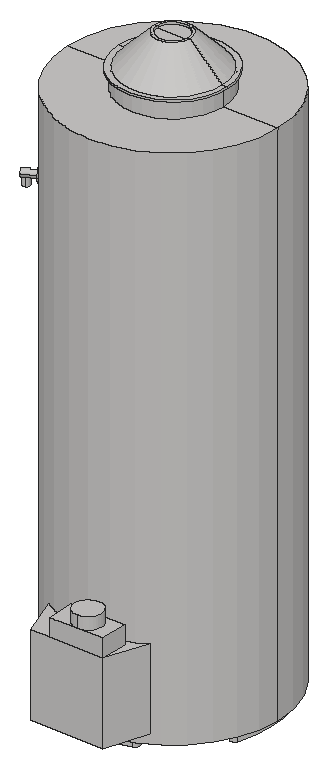
Revit family "DC_Rheem_PLM_HeavyDutyGas_620260", category Plumbing Fixtures, host Face, Revit 2020
Family settings
  Host = Face
  Round Connector Dimension = Use Radius
  Part Type = Normal
  Cut with Voids When Loaded = No
  Shared = No
  Room Calculation Point = No
Parameters (values of type "Heavy Duty Gas Storage - Indoor - 260L - 51 MJ/h - Natural gas")
  URL = "http://www.rheem.com.au/CommercialProducts"
  Type Comments = "385L first hour delivery @ 50oC rise\r\n"
  TotalHeightH1_ANZRS = 1660 mm
  T&PRConnectionRadius_ANZRS = 20 mm
  Thickness_ANZRS = 77 mm
  Model = "620260N0\r\n"
  Materials_ANZRS = Rheem - Joey Grey Steel
  Manufacturer = "Rheem\r\n"
  HotWaterPipeRadius_ANZRS = HotWaterPipeDiameterD1_ANZRS / 2  # 16 mm
  HotWaterPipeHeightH2_ANZRS = 988 mm
  HotWaterPipeDiameterD1_ANZRS = 32 mm
  HeightH2_ANZRS = 1520 mm
  GasPipeRadius_ANZRS = GasPipeDiameterD2_ANZRS / 2  # 7.5 mm
  GasPipeDiameterD2_ANZRS = 15 mm
  GasInletHeightH3_ANZRS = 297 mm
  FireProofBase_ANZRS = 50 mm
  DesignBy_ANZRS = "Design Content ©\r\n"
  Description = " Heavy Duty Gas Storage - Indoor - 260L - 51 MJ/h - Natural gas\r\n"
  Default Elevation = 0 mm
  CylinderRadius_ANZRS = CylinderDiameterD3_ANZRS / 2  # 296.5 mm
  CylinderDiameterD3_ANZRS = 593 mm
  ColdWaterPipeRadius_ANZRS = ColdWaterPipeDiameterD4_ANZRS / 2  # 16 mm
  ColdWaterPipeDiameterD4_ANZRS = 32 mm
  ColdWaterInletHeightH4_ANZRS = 278 mm
  Author_ANZRS = "DM"
  A1_ANZRS = CylinderDiameterD3_ANZRS / 2 + 30 mm  # 326.5 mm
Types (3, lengths in mm): name | Model | Description | ColdWaterInletHeightH4_ANZRS
  (no name) | "620260N0\r\n" | " Heavy Duty Gas Storage - Indoor - 260L - 51 MJ/h - Natural gas\r\n" | 278
  Heavy Duty Gas Storage - Indoor - 260L - 51 MJ/h - Natural gas | "620260N0\r\n" | " Heavy Duty Gas Storage - Indoor - 260L - 51 MJ/h - Natural gas\r\n" | 278
  Heavy Duty Gas Storage - Indoor - 260L - 47 MJ/h - Propane gas | "620260P0\r\n" | " Heavy Duty Gas Storage - Indoor - 260L - 47 MJ/h - Propane gas\r\n Heavy Duty Gas Storage - Indoor - 260L - 47 MJ/h - Propane gas\r\n" | 328
Reference planes
  plane 1 "Center (Front/Back)": y = 0
  plane 2: z = 0
  plane 3 "Center (Left/Right)": x = 0
  plane 4: z = 0
  plane 5 "Gas": z = 297
  plane 6: z = 278
  plane 7: z = 1520
  plane 8: z = 1660
  plane 9: x = -296.5
  plane 10: x = 296.5
  plane 11: z = 25
  plane 12: y = 296.5
  plane 13: y = -296.5
  plane 14: y = 373.5
  plane 15: y = -373.5
  plane 16: x = 373.5
  plane 17: x = -373.5
  plane 18: x = 50
  plane 19: x = -50
  plane 20: z = 1572.5
  plane 21: z = 1567.5
  plane 22 "Gas Ref": y = -328.5
  plane 23: x = -101.526
  plane 24: x = 101.526
  plane 25: z = 50
  plane 26: through (0, 0, 1219.2) normal (0.454, -0.891, 0)
  plane 27: z = 1316
  plane 28 "A": through (0, 0, 1219.2) normal (0.891, 0.454, 0)
  plane 29: through (-290.914, -148.228, 1219.2) normal (0.891, 0.454, 0)
  plane 30: through (-255.273, -130.068, 1219.2) normal (0.891, 0.454, 0)
  plane 31: x = -306.5
  plane 32: x = -286.5
  plane 33: z = 278
  plane 34: x = -52.817
  plane 35: z = 328
Forms (mm)
  Revolve 1, solid, material "Rheem - Joey Grey Steel" <- "Materials_ANZRS"
    sketch origin (0, 0, 0) x (1, 0, 0) y (0, 0, 1)
      loop
        line (0, 25) -> (296.5, 25) -> (296.5, 1520) -> (0, 1520) -> (0, 25)
      axis (0, 1520) -> (0, 25)
    angle from 0 to 360
  Extrusion 2, solid, material "Rheem - Joey Grey Steel" <- "Materials_ANZRS"
    sketch origin (0, 0, 0) x (1, 0, 0) y (0, 1, 0)
      loop
        arc (85.505, 234.923) -> (101.526, 242.394) -> (94.056, 258.415) r 12.5
        arc (94.056, 258.415) -> (0, 275) -> (-94.056, 258.415) r 275
        arc (-94.056, 258.415) -> (-101.526, 242.394) -> (-85.505, 234.923) r 12.5
        arc (-85.505, 234.923) -> (0, 250) -> (85.505, 234.923) r 250
      loop
        arc (85.505, -234.923) -> (0, -250) -> (-85.505, -234.923) r 250
        arc (-85.505, -234.923) -> (-101.526, -242.394) -> (-94.056, -258.415) r 12.5
        arc (-94.056, -258.415) -> (0, -275) -> (94.056, -258.415) r 275
        arc (94.056, -258.415) -> (101.526, -242.394) -> (85.505, -234.923) r 12.5
      loop
        arc (234.923, 85.505) -> (250, 0) -> (234.923, -85.505) r 250
        arc (234.923, -85.505) -> (242.394, -101.526) -> (258.415, -94.056) r 12.5
        arc (258.415, -94.056) -> (275, 0) -> (258.415, 94.056) r 275
        arc (258.415, 94.056) -> (242.394, 101.526) -> (234.923, 85.505) r 12.5
      loop
        arc (-234.923, 85.505) -> (-242.394, 101.526) -> (-258.415, 94.056) r 12.5
        arc (-258.415, 94.056) -> (-275, 0) -> (-258.415, -94.056) r 275
        arc (-258.415, -94.056) -> (-242.394, -101.526) -> (-234.923, -85.505) r 12.5
        arc (-234.923, -85.505) -> (-250, 0) -> (-234.923, 85.505) r 250
    from 0 to 25
  Revolve 3, solid, material "Rheem - Joey Grey Steel" <- "Materials_ANZRS"
    sketch origin (0, 0, 0) x (1, 0, 0) y (0, 0, 1)
      loop
        line (42.903, 1660) -> (42.903, 1655) -> (0, 1655) -> (0, 1520) -> (142.5, 1520) -> (142.5, 1567.5) -> (152.5, 1567.5) -> (152.5, 1572.5) -> (137.5, 1572.5) -> (50, 1660) -> (42.903, 1660)
      axis (0, 1660) -> (0, 1520)
    angle from 0 to 360
  Extrusion 4, solid, material "Rheem - Joey Grey Steel" <- "Materials_ANZRS"
    sketch origin (0, 0, 0) x (1, 0, 0) y (0, 1, 0)
      loop
        line (-101.526, -373.5) -> (101.526, -373.5) -> (142.916, -259.783)
        arc (142.916, -259.783) -> (0, -296.5) -> (-142.916, -259.783) r 296.5
        line (-142.916, -259.783) -> (-101.526, -373.5)
    from 50 to 278
  Extrusion 5, solid, material "Rheem - Joey Grey Steel" <- "Materials_ANZRS"
    sketch origin (0, 27.029, 0) x (1, 0, 0) y (0, 1, 0)
      loop
        line (-48.474, -325.165) -> (-48.474, -400.928) -> (101.526, -400.928) -> (101.526, -325.165) -> (-48.474, -325.165)
    from 328.014 to 278
  Extrusion 6, solid, material "Rheem - Joey Grey Steel" <- "Materials_ANZRS"
    sketch origin (0, 27.029, 0) x (1, 0, 0) y (0, 1, 0)
      loop
        circle (29.783, -362.847) r 37.682
    from 328.014 to 361.427
  Extrusion 7, solid, material "Rheem - Joey Grey Steel" <- "Materials_ANZRS"
    sketch origin (0, 0, 0) x (0, 1, 0) y (0, 0, 1)
      loop
        circle (0, 1316) r 16
      loop
        circle (0, 328) r 16
    from -306.5 to -286.5
  Extrusion 8, solid, material "Rheem - Joey Grey Steel" <- "Materials_ANZRS"
    sketch origin (0, 0, 0) x (0, 1, 0) y (0, 0, 1)
      loop
        circle (-328.5, 297) r 7.5
    from -48.474 to -52.817
Cuts and joins
  joined: Revolve 1, Extrusion 2, Revolve 3, Extrusion 4, Extrusion 5, Extrusion 6, Extrusion 7
Lines and regions (mm)
  Masking region 1
    outline origin (0, 0, 0) x (1, 0, 0) y (0, 0, 1)
      loop
        line (50, 1660) -> (-50, 1660) -> (-137.5, 1572.5) -> (-152.5, 1572.5) -> (-152.5, 1567.5) -> (-142.5, 1567.5) -> (-142.5, 1520) -> (-296.5, 1520) -> (-296.5, 1331.968) -> (-306.5, 1331.968) -> (-306.5, 1324.578)
        arc (-306.5, 1324.578) -> (-308.791, 1316) -> (-306.5, 1307.422) r 17.205
        line (-306.5, 1307.422) -> (-306.5, 1300.002) -> (-303.267, 1300.002) -> (-303.267, 1286.926) -> (-296.5, 1286.926) -> (-296.5, 323) -> (-306.5, 323) -> (-306.5, 271.5) -> (-296.5, 271.5) -> (-296.5, 25) -> (-275, 25) -> (-275, 0) -> (275, 0) -> (275, 25) -> (296.5, 25) -> (296.5, 1520) -> (142.5, 1520) -> (142.5, 1567.5) -> (152.5, 1567.5) -> (152.5, 1572.5) -> (137.5, 1572.5) -> (50, 1660)
  Masking region 2
    outline origin (0, 0, 0) x (0, 1, 0) y (0, 0, 1)
      loop
        line (296.5, 25) -> (296.5, 1520) -> (142.5, 1520) -> (142.5, 1567.5) -> (152.5, 1567.5) -> (152.5, 1572.5) -> (137.5, 1572.5) -> (50, 1660) -> (0, 1660) -> (-50, 1660) -> (-137.5, 1572.5) -> (-152.5, 1572.5) -> (-152.5, 1567.5) -> (-142.5, 1567.5) -> (-142.5, 1520) -> (-296.5, 1520) -> (-296.5, 361.427) -> (-373.5, 361.427) -> (-373.5, 50) -> (-296.5, 50) -> (-296.5, 25) -> (-275, 25) -> (-275, 0) -> (275, 0) -> (275, 25) -> (296.5, 25)
  symbolic lines, style "Rheem Heavy Duty Gas", detail levels fine
    curve 1: arc (296.5, 0, 0) -> (0, 296.5, 0) -> (-296.5, 0, 0) r 296.5
    curve 2: arc (-296.5, 0, 0) -> (0, -296.5, 0) -> (296.5, 0, 0) r 296.5
    curve 3: arc (-152.5, 0, 0) -> (0, -152.5, 0) -> (152.5, 0, 0) r 152.5
    curve 4: arc (137.5, 0, 0) -> (0, -137.5, 0) -> (-137.5, 0, 0) r 137.5
    curve 5: arc (-137.5, 0, 0) -> (0, 137.5, 0) -> (137.5, 0, 0) r 137.5
    curve 6: arc (152.5, 0, 0) -> (0, 152.5, 0) -> (-152.5, 0, 0) r 152.5
    curve 7: arc (50, 0, 0) -> (0, 50, 0) -> (-50, 0, 0) r 50
    curve 8: arc (42.903, 0, 0) -> (0, 42.903, 0) -> (-42.903, 0, 0) r 42.903
    curve 9: arc (-42.903, 0, 0) -> (0, -42.903, 0) -> (42.903, 0, 0) r 42.903
    curve 10: arc (-50, 0, 0) -> (0, -50, 0) -> (50, 0, 0) r 50
    curve 11: line (-142.916, -259.783, 0) -> (-101.526, -373.5, 0)
    curve 12: line (-101.526, -373.5, 0) -> (-48.474, -373.5, 0)
    curve 13: line (101.526, -373.5, 0) -> (142.916, -259.783, 0)
    curve 14: line (101.526, -298.135, 0) -> (-48.474, -298.135, 0)
    curve 15: line (101.526, -373.899, 0) -> (101.526, -298.135, 0)
    curve 16: line (-48.474, -373.899, 0) -> (101.526, -373.899, 0)
    curve 17: line (-48.474, -298.135, 0) -> (-48.474, -373.899, 0)
    curve 18: arc (29.783, -298.135, 0) -> (-7.9, -335.818, 0) -> (29.783, -373.5, 0) r 37.682
    curve 19: arc (29.783, -373.5, 0) -> (67.465, -335.818, 0) -> (29.783, -298.135, 0) r 37.682
    curve 20: line (-306.5, 45, 0) -> (-293.065, 45, 0)
    curve 21: line (-306.5, -45, 0) -> (-306.5, 45, 0)
    curve 22: line (-293.065, -45, 0) -> (-306.5, -45, 0)
    curve 23: line (50, 0, 1660) -> (-50, 0, 1660)
    curve 24: line (152.5, 0, 1572.5) -> (-152.5, 0, 1572.5)
    curve 25: line (152.5, 0, 1567.5) -> (-152.5, 0, 1567.5)
    curve 26: line (296.5, 0, 1520) -> (-296.5, 0, 1520)
    curve 27: line (296.5, 0, 1520) -> (296.5, 0, 25)
    curve 28: line (-296.5, 0, 1520) -> (-296.5, 0, 1324.578)
    curve 29: line (-306.5, 0, 323) -> (-306.5, 0, 271.5)
    curve 30: line (-306.5, 0, 323) -> (-296.5, 0, 323)
    curve 31: line (-306.5, 0, 271.5) -> (-296.5, 0, 271.5)
    curve 32: line (296.5, 0, 25) -> (-296.5, 0, 25)
    curve 33: line (-101.526, 0, 25) -> (-101.526, 0, 0)
    curve 34: line (101.526, 0, 25) -> (101.526, 0, 0)
    curve 35: line (-275, 0, 25) -> (-234.923, 0, 25)
    curve 36: line (-275, 0, 0) -> (-275, 0, 25)
    curve 37: line (-234.923, 0, 0) -> (-275, 0, 0)
    curve 38: line (-234.923, 0, 25) -> (-234.923, 0, 0)
    curve 39: line (275, 0, 25) -> (234.923, 0, 25)
    curve 40: line (275, 0, 0) -> (275, 0, 25)
    curve 41: line (234.923, 0, 0) -> (275, 0, 0)
    curve 42: line (234.923, 0, 25) -> (234.923, 0, 0)
    curve 43: line (-296.5, 0, 1286.926) -> (-296.5, 0, 25)
    curve 44: line (-50, 0, 1660) -> (-137.5, 0, 1572.5)
    curve 45: line (-142.5, 0, 1567.5) -> (-142.5, 0, 1520)
    curve 46: line (142.5, 0, 1567.5) -> (142.5, 0, 1520)
    curve 47: line (50, 0, 1660) -> (137.5, 0, 1572.5)
    curve 48: line (-142.916, 0, 278) -> (142.916, 0, 278)
    curve 49: line (-142.916, 0, 50) -> (-142.916, 0, 278)
    curve 50: line (142.916, 0, 50) -> (-142.916, 0, 50)
    curve 51: line (142.916, 0, 278) -> (142.916, 0, 50)
    curve 52: line (-101.526, 0, 278) -> (101.526, 0, 278)
    curve 53: line (-101.526, 0, 50) -> (-101.526, 0, 278)
    curve 54: line (101.526, 0, 50) -> (-101.526, 0, 50)
    curve 55: line (101.526, 0, 278) -> (101.526, 0, 50)
    curve 56: line (-48.474, 0, 328.014) -> (101.526, 0, 328.014)
    curve 57: line (-48.474, 0, 278) -> (-48.474, 0, 328.014)
    curve 58: line (101.526, 0, 278) -> (-48.474, 0, 278)
    curve 59: line (101.526, 0, 328.014) -> (101.526, 0, 278)
    curve 60: line (-7.9, 0, 361.427) -> (67.465, 0, 361.427)
    curve 61: line (-7.9, 0, 328.014) -> (-7.9, 0, 361.427)
    curve 62: line (67.465, 0, 328.014) -> (-7.9, 0, 328.014)
    curve 63: line (67.465, 0, 361.427) -> (67.465, 0, 328.014)
    curve 64: line (0, 296.5, 1520) -> (0, -296.5, 1520)
    curve 65: line (0, 296.5, 25) -> (0, 296.5, 1520)
    curve 66: line (0, -296.5, 25) -> (0, 296.5, 25)
    curve 67: line (0, -296.5, 1520) -> (0, -296.5, 297)
    curve 68: line (0, 102.28, 0) -> (0, 102.28, 25)
    curve 69: line (0, -102.28, 0) -> (0, 102.28, 0)
    curve 70: line (0, -102.28, 25) -> (0, -102.28, 0)
    curve 71: line (0, -234.169, 0) -> (0, -234.169, 25)
    curve 72: line (0, -275, 0) -> (0, -234.169, 0)
    curve 73: line (0, -275, 25) -> (0, -275, 0)
    curve 74: line (0, 234.169, 0) -> (0, 234.169, 25)
    curve 75: line (0, 275, 0) -> (0, 234.169, 0)
    curve 76: line (0, 275, 25) -> (0, 275, 0)
    curve 77: line (0, -259.783, 278) -> (0, -373.5, 278)
    curve 78: line (0, -259.783, 50) -> (0, -259.783, 278)
    curve 79: line (0, -373.5, 50) -> (0, -259.783, 50)
    curve 80: line (0, -373.5, 278) -> (0, -373.5, 50)
    curve 81: line (0, -296.5, 361.427) -> (0, -372.264, 361.427)
    curve 82: line (0, -296.5, 278) -> (0, -296.5, 361.427)
    curve 83: line (0, -372.264, 278) -> (0, -373.5, 278)
    curve 84: line (0, -372.264, 361.427) -> (0, -372.264, 278)
    curve 85: line (0, -296.5, 361.427) -> (0, -372.264, 361.427)
    curve 86: line (0, -296.5, 50) -> (0, -296.5, 25)
    curve 87: arc (0, -16, 328) -> (0, 0, 312) -> (0, 16, 328) r 16
    curve 88: arc (0, 16, 328) -> (0, 0, 344) -> (0, -16, 328) r 16
    curve 89: arc (0, -16, 1316) -> (0, 0, 1300) -> (0, 16, 1316) r 16
    curve 90: arc (0, 16, 1316) -> (0, 0, 1332) -> (0, -16, 1316) r 16
    curve 91: line (0, 50, 1660) -> (0, -50, 1660)
    curve 92: line (0, -50, 1660) -> (0, -137.5, 1572.5)
    curve 93: line (0, -137.5, 1572.5) -> (0, 137.5, 1572.5)
    curve 94: line (0, 137.5, 1572.5) -> (0, 50, 1660)
    curve 95: line (0, 152.5, 1572.5) -> (0, -152.5, 1572.5)
    curve 96: line (0, 152.5, 1567.5) -> (0, 152.5, 1572.5)
    curve 97: line (0, -152.5, 1567.5) -> (0, 152.5, 1567.5)
    curve 98: line (0, -152.5, 1572.5) -> (0, -152.5, 1567.5)
    curve 99: line (0, 142.5, 1567.5) -> (0, 142.5, 1520)
    curve 100: line (0, -142.5, 1567.5) -> (0, -142.5, 1520)
    curve 101: spline (-260.158, 0, 1342.38) -> (-257.806, 0, 1341.481) -> (-255.616, 0, 1338.846) -> (-253.734, 0, 1334.653) -> (-252.291, 0, 1329.19) -> (-251.383, 0, 1322.828) -> (-251.074, 0, 1316) -> (-251.383, 0, 1309.172) -> (-252.291, 0, 1302.81) -> (-253.734, 0, 1297.347) -> (-255.616, 0, 1293.154) -> (-257.806, 0, 1290.519) -> (-260.158, 0, 1289.62)
    curve 102: spline (-267.273, 0, 1289.62) -> (-268.21, 0, 1289.761) -> (-269.136, 0, 1290.181) -> (-270.043, 0, 1290.877) -> (-270.921, 0, 1291.84) -> (-271.759, 0, 1293.061) -> (-272.55, 0, 1294.527) -> (-273.284, 0, 1296.221) -> (-273.954, 0, 1298.127) -> (-274.553, 0, 1300.223) -> (-275.075, 0, 1302.487) -> (-275.513, 0, 1304.895) -> (-275.863, 0, 1307.422)
    curve 103: line (-267.273, 0, 1342.38) -> (-260.158, 0, 1342.38)
    curve 104: line (-267.273, 0, 1289.62) -> (-260.158, 0, 1289.62)
    curve 105: spline (-275.295, 0, 1307.422) -> (-272.871, 0, 1301.218) -> (-269.456, 0, 1297.871) -> (-265.709, 0, 1298.029) -> (-262.356, 0, 1301.66) -> (-260.044, 0, 1308.063) -> (-259.22, 0, 1316) -> (-260.044, 0, 1323.937) -> (-262.356, 0, 1330.34) -> (-265.709, 0, 1333.971) -> (-269.456, 0, 1334.129) -> (-272.871, 0, 1330.782) -> (-275.295, 0, 1324.578)
    curve 106: line (-306.5, 0, 1324.578) -> (-266.5, 0, 1324.578)
    curve 107: line (-266.5, 0, 1307.422) -> (-306.5, 0, 1307.422)
    curve 108: arc (-306.5, 0, 1324.578) -> (-308.791, 0, 1316) -> (-306.5, 0, 1307.422) r 17.205
    curve 109: spline (-275.863, 0, 1324.578) -> (-275.513, 0, 1327.105) -> (-275.075, 0, 1329.513) -> (-274.553, 0, 1331.777) -> (-273.954, 0, 1333.873) -> (-273.284, 0, 1335.779) -> (-272.55, 0, 1337.473) -> (-271.759, 0, 1338.939) -> (-270.921, 0, 1340.16) -> (-270.043, 0, 1341.123) -> (-269.136, 0, 1341.819) -> (-268.21, 0, 1342.239) -> (-267.273, 0, 1342.38)
    curve 110: arc (-266.5, 0, 1324.578) -> (-263.095, 0, 1316) -> (-266.5, 0, 1307.422) r 12.508
    curve 112: line (-302.372, 0, 1286.926) -> (-302.372, 0, 1307.422)
    curve 113: line (-286.5, 0, 1286.926) -> (-286.5, 0, 1307.422)
    curve 114: line (-302.372, 0, 1286.926) -> (-286.5, 0, 1286.926)
    curve 115: arc (0, -159.161, 1307.457) -> (0, -158.276, 1305.219) -> (0, -157.191, 1303.072) r 26.307
    curve 116: line (0, -132.547, 1324.684) -> (0, -159.112, 1324.684)
    curve 117: line (0, -132.547, 1307.457) -> (0, -139.427, 1307.457)
    curve 118: arc (0, -132.547, 1324.684) -> (0, -128.022, 1316.07) -> (0, -132.547, 1307.457) r 10.461
    curve 119: arc (0, -159.112, 1324.684) -> (0, -163.495, 1316.036) -> (0, -158.981, 1307.457) r 10.564
    curve 120: line (0, -139.427, 1307.457) -> (0, -139.427, 1286.926)
    curve 121: line (0, -139.427, 1286.926) -> (0, -157.191, 1286.926)
    curve 122: line (0, -157.191, 1286.926) -> (0, -157.191, 1307.457)
    curve 123: arc (0, -139.427, 1307.457) -> (0, -148.309, 1309.649) -> (0, -157.191, 1307.457) r 19.085
    curve 124: line (0, -157.191, 1307.457) -> (0, -159.161, 1307.457)
    curve 125: arc (0, -139.427, 1298.433) -> (0, -122.11, 1324.16) -> (0, -153.118, 1324.684) r 17.646
    curve 126: arc (0, -139.427, 1290.202) -> (0, -111.434, 1329.042) -> (0, -159.112, 1324.684) r 26.307
    curve 127: arc (0, -157.191, 1307.457) -> (0, -151.312, 1316.07) -> (0, -157.191, 1324.684) r 9.249
  symbolic lines, style "Rheem Heavy Duty Gas"
    curve 111: line (-306.5, 0, 1307.422) -> (-306.5, 0, 1287.422)
Dimensions and locks
  "GasInletHeightH3_ANZRS": plane 5 "Gas" to host face
  "ColdWaterInletHeightH4_ANZRS": plane 6 to host face
  "HeightH2_ANZRS": plane 7 to host face
  "TotalHeightH1_ANZRS": plane 8 to host face
  equal spacing: plane 10, plane 3 "Center (Left/Right)", plane 9
  "CylinderDiameterD3_ANZRS": plane 10 to plane 9
  locked: plane 11 to plane 4 at 25
  equal spacing: plane 12, plane 1 "Center (Front/Back)", plane 13
  "CylinderDiameterD3_ANZRS": plane 12 to plane 13
  "Thickness_ANZRS": plane 10 to plane 16
  "Thickness_ANZRS": plane 14 to plane 12
  "Thickness_ANZRS": plane 15 to plane 13
  "Thickness_ANZRS": plane 17 to plane 9
  equal spacing: plane 18, plane 3 "Center (Left/Right)", plane 19
  plane 19 to plane 18 = 100 mm
  plane 12 to plane 22 "Gas Ref" = 625 mm
  locked: plane 25 to plane 11 at 25
  "A1_ANZRS": plane 28 "A" to plane 29
  locked: plane 30 to plane 29 at 40
  locked: plane 31 to plane 9 at 10
  locked: plane 9 to plane 32 at 10
  locked: plane 34 to cut or joined group of Revolve 1, Extrusion 2, Revolve 3, Extrusion 4, Extrusion 5, Extrusion 6, Extrusion 7 at 4.343
  plane 6 to plane 4 = 278 mm
  plane 5 "Gas" to plane 4 = 297 mm  (x2)
  plane 33 to plane 4 = 278 mm
  cut or joined group of Revolve 1, Extrusion 2, Revolve 3, Extrusion 4, Extrusion 5, Extrusion 6, Extrusion 7 to plane 12 = 670.399 mm
  plane 35 to level = 328 mm
  "HotWaterPipeHeightH2_ANZRS": plane 27 to plane 35
  "ColdWaterPipeRadius_ANZRS": radius of Extrusion 7 sketch curve
  "HotWaterPipeRadius_ANZRS": radius of Extrusion 7 sketch curve
  "GasPipeRadius_ANZRS": radius of Extrusion 8 sketch curve
  angle plane 1 "Center (Front/Back)" to plane 26 = 27.00°
  aligned and locked: plane 2 to host face
  aligned and locked: level to host face
  aligned and locked: Revolve 1 sketch curve to plane 3 "Center (Left/Right)"
  aligned and locked: Revolve 1 sketch curve to plane 10
  aligned and locked: Revolve 1 sketch curve to plane 11
  aligned and locked: Revolve 1 to Extrusion 2
  aligned and locked: Extrusion 2 to plane 4
  aligned and locked: plane 7 to Revolve 1 sketch curve
  aligned and locked: plane 18 to Revolve 3 sketch curve
  aligned and locked: Revolve 3 sketch curve to plane 8
  aligned and locked: Extrusion 4 sketch curve to Revolve 1
  aligned: plane 5 "Gas" to Extrusion 4
  aligned and locked: Extrusion 4 to plane 25
  aligned: Extrusion 5 to plane 5 "Gas"
  aligned and locked: plane 1 "Center (Front/Back)" to Extrusion 7 sketch curve  (x2)
  aligned and locked: plane 27 to Extrusion 7 sketch curve
  aligned and locked: Extrusion 7 to plane 31
  aligned and locked: Extrusion 7 to plane 32
  aligned and locked: curve 1 to cut or joined group of Revolve 1, Extrusion 2, Revolve 3, Extrusion 4, Extrusion 5, Extrusion 6, Extrusion 7
  aligned and locked: curve 2 to cut or joined group of Revolve 1, Extrusion 2, Revolve 3, Extrusion 4, Extrusion 5, Extrusion 6, Extrusion 7
  aligned and locked: curve 3 to cut or joined group of Revolve 1, Extrusion 2, Revolve 3, Extrusion 4, Extrusion 5, Extrusion 6, Extrusion 7
  aligned and locked: curve 4 to cut or joined group of Revolve 1, Extrusion 2, Revolve 3, Extrusion 4, Extrusion 5, Extrusion 6, Extrusion 7
  aligned and locked: curve 5 to cut or joined group of Revolve 1, Extrusion 2, Revolve 3, Extrusion 4, Extrusion 5, Extrusion 6, Extrusion 7
  aligned and locked: curve 6 to cut or joined group of Revolve 1, Extrusion 2, Revolve 3, Extrusion 4, Extrusion 5, Extrusion 6, Extrusion 7
  aligned and locked: curve 7 to cut or joined group of Revolve 1, Extrusion 2, Revolve 3, Extrusion 4, Extrusion 5, Extrusion 6, Extrusion 7
  aligned and locked: curve 8 to cut or joined group of Revolve 1, Extrusion 2, Revolve 3, Extrusion 4, Extrusion 5, Extrusion 6, Extrusion 7
  aligned and locked: curve 9 to cut or joined group of Revolve 1, Extrusion 2, Revolve 3, Extrusion 4, Extrusion 5, Extrusion 6, Extrusion 7
  aligned and locked: curve 10 to cut or joined group of Revolve 1, Extrusion 2, Revolve 3, Extrusion 4, Extrusion 5, Extrusion 6, Extrusion 7
  aligned and locked: curve 11 to cut or joined group of Revolve 1, Extrusion 2, Revolve 3, Extrusion 4, Extrusion 5, Extrusion 6, Extrusion 7
  aligned and locked: curve 12 to cut or joined group of Revolve 1, Extrusion 2, Revolve 3, Extrusion 4, Extrusion 5, Extrusion 6, Extrusion 7
  aligned and locked: curve 13 to cut or joined group of Revolve 1, Extrusion 2, Revolve 3, Extrusion 4, Extrusion 5, Extrusion 6, Extrusion 7
  aligned and locked: curve 18 to cut or joined group of Revolve 1, Extrusion 2, Revolve 3, Extrusion 4, Extrusion 5, Extrusion 6, Extrusion 7
  aligned and locked: curve 19 to cut or joined group of Revolve 1, Extrusion 2, Revolve 3, Extrusion 4, Extrusion 5, Extrusion 6, Extrusion 7
  aligned and locked: curve 21 to cut or joined group of Revolve 1, Extrusion 2, Revolve 3, Extrusion 4, Extrusion 5, Extrusion 6, Extrusion 7
  aligned and locked: Masking region 1 sketch curve to cut or joined group of Revolve 1, Extrusion 2, Revolve 3, Extrusion 4, Extrusion 5, Extrusion 6, Extrusion 7  (x5)
  aligned and locked: plane 10 to Masking region 1 sketch curve
  aligned and locked: Masking region 1 sketch curve to plane 9
  aligned and locked: cut or joined group of Revolve 1, Extrusion 2, Revolve 3, Extrusion 4, Extrusion 5, Extrusion 6, Extrusion 7 to Masking region 1 sketch curve
  aligned and locked: curve 64 to cut or joined group of Revolve 1, Extrusion 2, Revolve 3, Extrusion 4, Extrusion 5, Extrusion 6, Extrusion 7
  aligned and locked: plane 12 to curve 65
  aligned and locked: curve 66 to cut or joined group of Revolve 1, Extrusion 2, Revolve 3, Extrusion 4, Extrusion 5, Extrusion 6, Extrusion 7
  aligned and locked: plane 13 to curve 67
  aligned and locked: curve 87 to cut or joined group of Revolve 1, Extrusion 2, Revolve 3, Extrusion 4, Extrusion 5, Extrusion 6, Extrusion 7
  aligned and locked: curve 88 to cut or joined group of Revolve 1, Extrusion 2, Revolve 3, Extrusion 4, Extrusion 5, Extrusion 6, Extrusion 7
  aligned and locked: curve 89 to cut or joined group of Revolve 1, Extrusion 2, Revolve 3, Extrusion 4, Extrusion 5, Extrusion 6, Extrusion 7
  aligned and locked: curve 90 to cut or joined group of Revolve 1, Extrusion 2, Revolve 3, Extrusion 4, Extrusion 5, Extrusion 6, Extrusion 7
  aligned and locked: Masking region 2 sketch curve to curve 65
  aligned and locked: Masking region 2 sketch curve to cut or joined group of Revolve 1, Extrusion 2, Revolve 3, Extrusion 4, Extrusion 5, Extrusion 6, Extrusion 7  (x9)
  aligned and locked: cut or joined group of Revolve 1, Extrusion 2, Revolve 3, Extrusion 4, Extrusion 5, Extrusion 6, Extrusion 7 to Masking region 2 sketch curve  (x4)
  aligned and locked: Masking region 2 sketch curve to curve 67
  aligned and locked: Masking region 2 sketch curve to curve 86
  aligned and locked: Masking region 2 sketch curve to curve 76
  aligned and locked: Masking region 2 sketch curve to curve 73
  aligned and locked: Masking region 2 sketch curve to curve 99
  aligned and locked: Masking region 2 sketch curve to curve 94
  aligned and locked: Masking region 2 sketch curve to curve 96
  aligned and locked: Masking region 2 sketch curve to curve 92
  aligned and locked: Masking region 2 sketch curve to curve 98
  aligned and locked: Masking region 2 sketch curve to curve 100
  aligned and locked: curve 77 to cut or joined group of Revolve 1, Extrusion 2, Revolve 3, Extrusion 4, Extrusion 5, Extrusion 6, Extrusion 7
  aligned and locked: plane 33 to cut or joined group of Revolve 1, Extrusion 2, Revolve 3, Extrusion 4, Extrusion 5, Extrusion 6, Extrusion 7
  aligned and locked: cut or joined group of Revolve 1, Extrusion 2, Revolve 3, Extrusion 4, Extrusion 5, Extrusion 6, Extrusion 7 to plane 33
  aligned and locked: plane 5 "Gas" to Extrusion 8 sketch curve
  aligned and locked: plane 22 "Gas Ref" to Extrusion 8 sketch curve
  aligned and locked: cut or joined group of Revolve 1, Extrusion 2, Revolve 3, Extrusion 4, Extrusion 5, Extrusion 6, Extrusion 7 to Extrusion 8
  aligned and locked: Extrusion 8 to plane 34
  aligned and locked: curve 52 to plane 33
  aligned and locked: plane 35 to Extrusion 7 sketch curve
Automatic sketch dimensions
  host sketch curve to host sketch curve = 2438.4 mm  (x2)
  Revolve 1 sketch curve to plane 3 "Center (Left/Right)" = 0 mm
  Revolve 1 sketch curve to level = 609.6 mm
  Revolve 1 sketch curve to Revolve 1 sketch curve = 1089.058 mm
  Extrusion 2 sketch curve to Extrusion 2 sketch curve = 0 mm  (x68)
  plane 1 "Center (Front/Back)" to Extrusion 2 sketch curve = 0 mm
  Extrusion 2 sketch curve to plane 3 "Center (Left/Right)" = 0 mm
  Extrusion 2 sketch curve to plane 3 "Center (Left/Right)" = 85.505 mm  (x2)
  Extrusion 2 sketch curve to Extrusion 2 sketch curve = 4.275 mm  (x4)
  plane 9 to Extrusion 2 sketch curve = 61.577 mm  (x2)
  Extrusion 2 sketch curve to Extrusion 2 sketch curve = 11.746 mm  (x4)
  plane 3 "Center (Left/Right)" to Extrusion 2 sketch curve = 85.505 mm  (x2)
  plane 10 to Extrusion 2 sketch curve = 61.577 mm  (x2)
  plane 1 "Center (Front/Back)" to Extrusion 2 sketch curve = 85.505 mm  (x2)
  Extrusion 2 sketch curve to Extrusion 2 sketch curve = 149.418 mm  (x2)
  Revolve 3 sketch curve to plane 3 "Center (Left/Right)" = 0 mm  (x2)
  Revolve 3 sketch curve to Revolve 3 sketch curve = 7.097 mm
  plane 7 to Revolve 3 sketch curve = 52.5 mm
  Revolve 3 sketch curve to Revolve 3 sketch curve = 94.597 mm
  Revolve 3 sketch curve to Revolve 3 sketch curve = 5 mm  (x2)
  Revolve 3 sketch curve to Revolve 3 sketch curve = 10 mm
  Revolve 3 sketch curve to level = 609.6 mm
  Revolve 3 sketch curve to plane 8 = 5 mm
  Revolve 3 sketch curve to Revolve 3 sketch curve = 949.058 mm
  Revolve 3 sketch curve to plane 7 = 0 mm
  Extrusion 4 sketch curve to plane 23 = 0 mm
  Extrusion 4 sketch curve to plane 24 = 0 mm
  Extrusion 4 sketch curve to plane 13 = 36.717 mm  (x2)
  Extrusion 6 sketch curve to Extrusion 6 sketch curve = 0 mm  (x2)
  Extrusion 6 sketch curve to plane 18 = 20.217 mm
  plane 15 to Extrusion 6 sketch curve = 0 mm
  Extrusion 6 sketch curve to plane 15 = 37.682 mm
  plane 15 to Extrusion 4 sketch curve = 0 mm
  plane 9 to curve 22 = 3.435 mm
  plane 9 to curve 20 = 3.435 mm
  Extrusion 5 sketch curve to plane 24 = 0 mm
  Extrusion 5 sketch curve to plane 19 = 1.526 mm
  plane 15 to Extrusion 5 sketch curve = 0.399 mm
  plane 13 to Extrusion 5 sketch curve = 1.635 mm
  Masking region 1 sketch curve to plane 31 = 0 mm  (x2)
  Masking region 1 sketch curve to plane 9 = 0 mm  (x2)
  Masking region 1 sketch curve to plane 27 = 0 mm
  Masking region 1 sketch curve to plane 11 = 0 mm
  Masking region 1 sketch curve to plane 4 = 0 mm
  Masking region 1 sketch curve to plane 20 = 0 mm
  Masking region 1 sketch curve to plane 21 = 0 mm
  Masking region 1 sketch curve to plane 7 = 0 mm
  Masking region 1 sketch curve to plane 19 = 0 mm
  Masking region 1 sketch curve to plane 18 = 0 mm
  plane 31 to Masking region 1 sketch curve = 3.233 mm
  plane 9 to Masking region 1 sketch curve = 4.914 mm
  Masking region 1 sketch curve to plane 32 = 11.5 mm
  Masking region 1 sketch curve to plane 23 = 50.974 mm
  Masking region 1 sketch curve to Masking region 1 sketch curve = 10 mm  (x2)
  Masking region 1 sketch curve to Masking region 1 sketch curve = 5 mm  (x2)
  Masking region 1 sketch curve to plane 24 = 35.974 mm
  plane 10 to Masking region 1 sketch curve = 21.5 mm
  Masking region 1 sketch curve to plane 33 = 6.5 mm
  plane 6 to Masking region 1 sketch curve = 45 mm
  Masking region 1 sketch curve to plane 27 = 29.074 mm
  Masking region 1 sketch curve to Masking region 1 sketch curve = 13.076 mm
  Masking region 1 sketch curve to Masking region 1 sketch curve = 7.42 mm
  Masking region 1 sketch curve to Masking region 1 sketch curve = 7.39 mm
  Masking region 2 sketch curve to plane 1 "Center (Front/Back)" = 0 mm
  Masking region 2 sketch curve to plane 4 = 0 mm
  curve 106 to plane 31 = 0 mm
  curve 111 to plane 31 = 0 mm
  curve 31 to plane 31 = 0 mm
  curve 26 to plane 7 = 0 mm
  curve 26 to plane 9 = 0 mm
  curve 43 to plane 9 = 0 mm
  curve 108 to plane 27 = 0 mm
  plane 32 to curve 113 = 0 mm
  curve 102 to plane 27 = 0 mm
  curve 109 to plane 27 = 0 mm
  curve 110 to plane 27 = 0 mm
  curve 37 to level = 0 mm
  curve 35 to plane 11 = 0 mm
  curve 101 to plane 27 = 0 mm
  curve 105 to plane 27 = 0 mm
  curve 24 to plane 20 = 0 mm
  curve 25 to plane 21 = 0 mm
  curve 49 to plane 25 = 0 mm
  curve 49 to plane 33 = 0 mm
  curve 45 to plane 21 = 0 mm
  curve 45 to plane 7 = 0 mm
  curve 44 to plane 20 = 0 mm
  curve 54 to plane 23 = 0 mm
  curve 33 to plane 11 = 0 mm
  curve 33 to plane 23 = 0 mm
  curve 44 to plane 8 = 0 mm
  curve 44 to plane 19 = 0 mm
  curve 23 to plane 18 = 0 mm
  plane 24 to curve 55 = 0 mm
  plane 24 to curve 34 = 0 mm
  curve 47 to plane 20 = 0 mm
  curve 46 to plane 21 = 0 mm
  curve 46 to plane 7 = 0 mm
  curve 39 to plane 11 = 0 mm
  curve 41 to level = 0 mm
  plane 10 to curve 27 = 0 mm
  curve 33 to level = 0 mm
  curve 34 to level = 0 mm
  curve 54 to plane 25 = 0 mm
  plane 31 to curve 114 = 4.128 mm
  plane 9 to curve 108 = 4.914 mm
  curve 102 to plane 32 = 10.143 mm
  curve 109 to curve 102 = 0 mm
  curve 109 to curve 102 = 0.494 mm
  curve 102 to curve 109 = 0.494 mm
  curve 102 to curve 110 = 0.754 mm
  curve 102 to curve 105 = 0.568 mm
  curve 37 to plane 32 = 11.5 mm
  curve 110 to curve 101 = 6.361 mm
  curve 101 to curve 105 = 1.498 mm
  curve 109 to plane 32 = 19.227 mm
  curve 102 to curve 107 = 0.773 mm
  curve 102 to curve 101 = 7.115 mm
  curve 35 to curve 35 = 40.077 mm
  curve 24 to plane 23 = 50.974 mm
  curve 24 to curve 25 = 0 mm  (x2)
  curve 49 to curve 53 = 41.39 mm
  curve 25 to curve 45 = 10 mm
  curve 45 to curve 44 = 5 mm
  curve 57 to plane 19 = 1.526 mm
  curve 61 to plane 3 "Center (Left/Right)" = 7.9 mm
  plane 18 to curve 62 = 17.465 mm
  curve 47 to plane 24 = 35.974 mm
  curve 47 to curve 46 = 5 mm
  curve 54 to curve 51 = 41.39 mm
  curve 46 to curve 24 = 10 mm
  plane 10 to curve 39 = 61.577 mm
  plane 10 to curve 39 = 21.5 mm
  curve 31 to plane 33 = 6.5 mm
  plane 6 to curve 30 = 45 mm
  plane 6 to curve 56 = 50.014 mm
  curve 62 to curve 56 = 0 mm
  curve 61 to curve 60 = 33.413 mm
  curve 113 to plane 27 = 29.074 mm
  curve 112 to curve 111 = 0.496 mm
  curve 113 to curve 102 = 2.694 mm
  curve 102 to curve 105 = 7.874 mm
  curve 115 to curve 126 = 0 mm  (x2)
  curve 77 to plane 15 = 0 mm
  curve 82 to plane 13 = 0 mm
  curve 66 to plane 13 = 0 mm
  curve 72 to level = 0 mm
  curve 78 to plane 25 = 0 mm
  curve 95 to plane 20 = 0 mm
  curve 97 to plane 21 = 0 mm
  curve 125 to plane 27 = 0 mm
  curve 93 to plane 20 = 0 mm
  curve 115 to plane 27 = 0 mm
  curve 70 to level = 0 mm
  curve 91 to plane 8 = 0 mm
  curve 74 to level = 0 mm
  curve 67 to plane 5 "Gas" = 0 mm
  curve 85 to plane 15 = 1.236 mm
  curve 72 to plane 13 = 21.5 mm
  curve 73 to curve 78 = 15.217 mm
  curve 72 to curve 71 = 40.831 mm
  plane 27 to curve 127 = 0.07 mm
  curve 127 to plane 13 = 135.939 mm
  curve 127 to curve 115 = 1.4 mm
  curve 127 to curve 126 = 1.449 mm
  curve 115 to curve 119 = 0.179 mm
  curve 119 to curve 115 = 1.79 mm
  curve 116 to curve 127 = 1.921 mm
  curve 127 to curve 125 = 4.073 mm
  plane 27 to curve 119 = 0.117 mm
  curve 127 to curve 119 = 7.63 mm
  curve 95 to plane 13 = 144 mm
  curve 121 to curve 123 = 8.882 mm
  curve 97 to curve 100 = 10 mm
  curve 123 to curve 125 = 8.882 mm
  plane 27 to curve 118 = 0.07 mm
  curve 117 to curve 118 = 0.944 mm
  curve 118 to curve 125 = 0.726 mm
  curve 100 to curve 93 = 5 mm
  curve 125 to curve 115 = 3.477 mm
  curve 115 to curve 116 = 1.733 mm
  plane 1 "Center (Front/Back)" to curve 70 = 102.28 mm
  plane 1 "Center (Front/Back)" to curve 91 = 50 mm
  curve 91 to plane 1 "Center (Front/Back)" = 50 mm
  curve 68 to plane 1 "Center (Front/Back)" = 102.28 mm
  curve 91 to curve 93 = 87.5 mm
  curve 93 to curve 99 = 5 mm
  curve 99 to curve 95 = 10 mm
  curve 74 to plane 12 = 62.331 mm
  curve 75 to plane 12 = 21.5 mm
  curve 67 to curve 85 = 64.427 mm
  curve 121 to curve 126 = 3.276 mm
  curve 126 to curve 123 = 0.362 mm
  curve 15 to plane 24 = 0 mm
  plane 15 to curve 16 = 0.399 mm
  curve 16 to plane 19 = 1.526 mm
Nested families
  nested 1: "Rheem Valve" at (-286.459, -145.958, 1266) x (0.454, -0.891, 0) z (0, 0, 1), type "Rheem Valve"
Connectors
  piping at (-48.474, -328.5, 297), diameter 15, driven by "GasPipeRadius_ANZRS"
    settings: on Extrusion 8, index 1, connector inside diameter 0.59055", connector length 0 mm, flow factor 0, pipe flow 0 GPM, pressure drop 0.00 psi, fitting loss kfactor 0, connector angle 0.00°, fixture units 0, engagement length 0 mm, angle of deflection 0.00°, flow configuration 1, flow direction 1, fitting loss method 0, system type 22, joint type 0, gender type 0, connector reference index -1, connector utility 0, adjustable connector no, is connector primary yes, connector description ""
  piping at (-306.5, 0, 328), diameter 32, driven by "ColdWaterPipeRadius_ANZRS"
    settings: on cut or joined group of Revolve 1, Extrusion 2, Revolve 3, Extrusion 4, Extrusion 5, Extrusion 6, Extrusion 7, index 2, connector inside diameter 1.25984", connector length 0 mm, flow factor 0, pipe flow 0 GPM, pressure drop 0.00 psi, fitting loss kfactor 0, connector angle 0.00°, fixture units 0, engagement length 0 mm, angle of deflection 0.00°, flow configuration 1, flow direction 1, fitting loss method 0, system type 20, joint type 0, gender type 0, connector reference index -1, connector utility 0, adjustable connector no, is connector primary no, connector description ""
  piping at (-306.5, 0, 1316), diameter 32, driven by "HotWaterPipeRadius_ANZRS"
    settings: on cut or joined group of Revolve 1, Extrusion 2, Revolve 3, Extrusion 4, Extrusion 5, Extrusion 6, Extrusion 7, index 3, connector inside diameter 1.25984", connector length 0 mm, flow factor 0, pipe flow 0 GPM, pressure drop 0.00 psi, fitting loss kfactor 0, connector angle 0.00°, fixture units 0, engagement length 0 mm, angle of deflection 0.00°, flow configuration 1, flow direction 2, fitting loss method 0, system type 19, joint type 0, gender type 0, connector reference index -1, connector utility 0, adjustable connector no, is connector primary no, connector description ""
  piping at (-293.267, -149.427, 1236.926), diameter 20
    settings: on nested 1, index 5, connector inside diameter 0.7874", connector length 0 mm, flow factor 0, pipe flow 0 GPM, pressure drop 0.00 psi, fitting loss kfactor 0, connector angle 0.00°, fixture units 0, engagement length 0 mm, angle of deflection 0.00°, flow configuration 1, flow direction 2, fitting loss method 0, system type 16, joint type 0, gender type 0, connector reference index -1, connector utility 0, adjustable connector no, is connector primary no, connector description ""
Definition of nested family "Rheem Valve"
  Parameters
    Material_ANZRS = none
    Default Elevation = 0 mm
    Assembly Code = ""
  Reference planes
    plane 1 "Center (Front/Back)": y = 0
    plane 2: z = 0
    plane 3 "Center (Left/Right)": x = 0
  Forms (mm)
    Extrusion 1, solid, material <- "Material_ANZRS"
      sketch origin (0, 0, 0) x (1, 0, 0) y (0, 1, 0)
        loop
          circle (0, -7.641) r 10
      from 0 to -29.074
    Revolve 2, solid, material <- "Material_ANZRS"
      sketch origin (0, 0, 0) x (1, 0, 0) y (0, 1, 0)
        loop
          line (-27.668, 40) -> (-27.668, 25.616) -> (-18.681, 20) -> (-9.939, 20) -> (-9.939, -20) -> (0, -20) -> (0, 40) -> (-27.668, 40)
        axis (0, 40) -> (0, -20)
      angle from 0 to 360
  Dimensions and locks
    aligned and locked: level to plane 2
